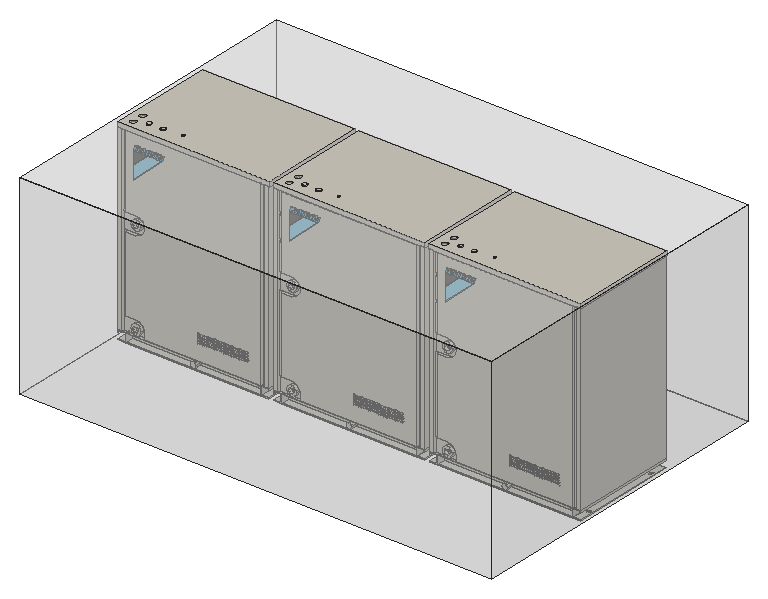
Revit family "outputfile", category 機械設備, Revit 2024
Family settings
  丸型コネクタ寸法 = 半径を使用
  種別 = なし
  パーツ タイプ = 標準
  OmniClass 番号 = 23.75.10.24.21.27.27
  OmniClass タイトル = Split System Air Conditioning Units
  作業面ベース = いいえ
  常に垂直 = はい
  ロード時にボイドで切り取り = いいえ
  注釈の向きを維持 = いいえ
  共有 = いいえ
  部屋計算ポイント = いいえ
Parameters (values of type "RWEYQ28TY14")
  製造元 = "Daikin"
  書き出し IFC クラス(タイプ) = "IfcUnitaryEquipmentType"
  定義済み IFC タイプ(タイプ) = "AIRCONDITIONINGUNIT"
  モデル = "RWEYQ28TY14"
  w_unit3 = 780.0 mm
  w_unit2 = 780.0 mm
  w_unit1 = 780.0 mm
  switch_unit3_6-8 [instance] = if(Reverse_ModuleSequence, if(default_unit1 = 1, 1 = 1, 1 = 0), if(default_unit3 = 1, 1 = 1, 1 = 0))  # yes
  switch_unit3_12 [instance] = if(Reverse_ModuleSequence, if(default_unit1 = 3, 1 = 1, 1 = 0), if(default_unit3 = 3, 1 = 1, 1 = 0))  # no
  switch_unit3_10 [instance] = if(Reverse_ModuleSequence, if(default_unit1 = 2, 1 = 1, 1 = 0), if(default_unit3 = 2, 1 = 1, 1 = 0))  # no
  switch_unit2_6-8 [instance] = if(default_unit2 = 1, 1 = 1, 1 = 0)  # no
  switch_unit2_12 [instance] = if(default_unit2 = 3, 1 = 1, 1 = 0)  # no
  switch_unit2_10 [instance] = if(default_unit2 = 2, 1 = 1, 1 = 0)  # yes
  switch_unit1_6-8 [instance] = if(Reverse_ModuleSequence, if(default_unit3 = 1, 1 = 1, 1 = 0), if(default_unit1 = 1, 1 = 1, 1 = 0))  # no
  switch_unit1_12 [instance] = if(Reverse_ModuleSequence, if(default_unit3 = 3, 1 = 1, 1 = 0), if(default_unit1 = 3, 1 = 1, 1 = 0))  # no
  switch_unit1_10 [instance] = if(Reverse_ModuleSequence, if(default_unit3 = 2, 1 = 1, 1 = 0), if(default_unit1 = 2, 1 = 1, 1 = 0))  # yes
  r_Water Outlet Pipe Connection_unit3 [instance] = Water Outlet Pipe Connection_Unit3 / 2  # 15.9 mm
  r_Water Outlet Pipe Connection_unit2 [instance] = Water Outlet Pipe Connection_Unit2 / 2  # 15.9 mm
  r_Water Outlet Pipe Connection_unit1 [instance] = Water Outlet Pipe Connection_Unit1 / 2  # 15.9 mm
  r_Water Inlet Pipe Connection_unit3 [instance] = Water Inlet Pipe Connection_Unit3 / 2  # 15.9 mm
  r_Water Inlet Pipe Connection_unit2 [instance] = Water Inlet Pipe Connection_Unit2 / 2  # 15.9 mm
  r_Water Inlet Pipe Connection_unit1 [instance] = Water Inlet Pipe Connection_Unit1 / 2  # 15.9 mm
  r_Drain Pipe Size = Drain Pipe Size / 2  # 6.35 mm
  lw_Water Outlet3 = 95.0 mm
  lw_Water Outlet2 = 95.0 mm
  lw_Water Outlet1 = 95.0 mm
  lw_Water Inlet3 = 95.0 mm
  lw_Water Inlet2 = 95.0 mm
  lw_Water Inlet1 = 95.0 mm
  lw_Drain3 = 390.0 mm
  lw_Drain2 = 390.0 mm
  lw_Drain1 = 390.0 mm
  default_Water Outlet Pipe Connection_Unit 3 = 31.8 mm
  default_Water Outlet Pipe Connection_Unit 2 = 31.8 mm
  default_Water Outlet Pipe Connection_Unit 1 = 31.8 mm
  default_Water Inlet Pipe Connection_Unit 3 = 31.8 mm
  default_Water Inlet Pipe Connection_Unit 2 = 31.8 mm
  default_Water Inlet Pipe Connection_Unit 1 = 31.8 mm
  angle_Drain [instance] = if(Rear Connection_Drain, 180.00°, 0.00°)  # 0.00°
  r_Liquid Pipe Size_unit3 [instance] = Liquid Pipe Size_Unit 3 / 2  # 4.75 mm
  r_Liquid Pipe Size_unit2 [instance] = Liquid Pipe Size_Unit 2 / 2  # 4.75 mm
  r_HP/LP Gas Pipe Size_unit3 [instance] = [HP/LP Gas Pipe Size_Unit 3] / 2  # 9.55 mm
  r_HP/LP Gas Pipe Size_unit2 [instance] = [HP/LP Gas Pipe Size_Unit 2] / 2  # 11.1 mm
  r_HP/LP Gas Pipe Size_unit1 [instance] = [HP/LP Gas Pipe Size_Unit 1] / 2  # 11.1 mm
  r_Gas Pipe Size_unit3 [instance] = Gas Pipe Size_Unit 3 / 2  # 9.55 mm
  r_Gas Pipe Size_unit2 [instance] = Gas Pipe Size_Unit 2 / 2  # 11.1 mm
  lw_powersupply3 = 51.0 mm
  lw_powersupply2 = 51.0 mm
  lw_liquidpipe3 = 274.0 mm
  lw_liquidpipe2 = 274.0 mm
  lw_gaspipe3 [instance] = if(Heat Pump, 107.0 mm, 178.0 mm)  # 107.0 mm
  lw_gaspipe2 [instance] = if(Heat Pump, 107.0 mm, 178.0 mm)  # 107.0 mm
  lw_HP/LP Gas Pipe3 [instance] = if(Heat Pump, 178.0 mm, 107.0 mm)  # 178.0 mm
  lw_HP/LP Gas Pipe2 [instance] = if(Heat Pump, 178.0 mm, 107.0 mm)  # 178.0 mm
  lw_HP/LP Gas Pipe1 [instance] = if(Heat Pump, 178.0 mm, 107.0 mm)  # 178.0 mm
  ld_HP/LP Gas Pipe = 69.0 mm
  h_mountinghole = [h_***] + 2.3 mm  # 2.3 mm
  r_Liquid Pipe Size_unit1 [instance] = Liquid Pipe Size_Unit 1 / 2  # 4.75 mm
  r_Gas Pipe Size_unit1 [instance] = Gas Pipe Size_Unit 1 / 2  # 11.1 mm
  distance_unit2-3 [instance] = 20.0 mm
  distance_unit1-2 [instance] = 20.0 mm
  default_unit3 = 1
  default_unit2 = 2
  default_unit1 = 2
  default_Model_Unit 3 = "RWEYQ8TY14"
  default_Model_Unit 2 = "RWEYQ10TY14"
  default_Model_Unit 1 = "RWEYQ10TY14"
  default_Liquid Pipe Size_Unit 3 = 9.5 mm
  default_Liquid Pipe Size_Unit 2 = 9.5 mm
  default_Liquid Pipe Size_Unit 1 = 9.5 mm
  default_HP/LP Gas Pipe Size_Unit 3 [instance] = if(and(Heat Pump, [switch_unit3_6-8]), 19.1 mm, if(and(Heat Pump, switch_unit3_10), 22.2 mm, if(and(Heat Pump, switch_unit3_12), 22.2 mm, if(and(Heat Recovery, [switch_unit3_6-8]), 15.9 mm, if(and(Heat Recovery, switch_unit3_10), 19.1 mm, if(and(Heat Recovery, switch_unit3_12), 19.1 mm, 19.1 mm))))))  # 19.1 mm
  default_HP/LP Gas Pipe Size_Unit 2 [instance] = if(and(Heat Pump, [switch_unit2_6-8]), 19.1 mm, if(and(Heat Pump, switch_unit2_10), 22.2 mm, if(and(Heat Pump, switch_unit2_12), 22.2 mm, if(and(Heat Recovery, [switch_unit2_6-8]), 15.9 mm, if(and(Heat Recovery, switch_unit2_10), 19.1 mm, if(and(Heat Recovery, switch_unit2_12), 19.1 mm, 19.1 mm))))))  # 22.2 mm
  default_HP/LP Gas Pipe Size_Unit 1 [instance] = if(and(Heat Pump, [switch_unit1_6-8]), 19.1 mm, if(and(Heat Pump, switch_unit1_10), 22.2 mm, if(and(Heat Pump, switch_unit1_12), 22.2 mm, if(and(Heat Recovery, [switch_unit1_6-8]), 15.9 mm, if(and(Heat Recovery, switch_unit1_10), 19.1 mm, if(and(Heat Recovery, switch_unit1_12), 19.1 mm, 19.1 mm))))))  # 22.2 mm
  default_Gas Pipe Size_Unit 3 = 19.1 mm
  default_Gas Pipe Size_Unit 2 = 22.2 mm
  default_Gas Pipe Size_Unit 1 = 22.2 mm
  Water Outlet Pipe Connection_Unit3 [instance] = if(Reverse_ModuleSequence, default_Water Outlet Pipe Connection_Unit 1, default_Water Outlet Pipe Connection_Unit 3)  # 31.8 mm
  Water Outlet Pipe Connection_Unit2 [instance] = if(Reverse_ModuleSequence, default_Water Inlet Pipe Connection_Unit 2, default_Water Inlet Pipe Connection_Unit 2)  # 31.8 mm
  Water Outlet Pipe Connection_Unit1 [instance] = if(Reverse_ModuleSequence, default_Water Outlet Pipe Connection_Unit 3, default_Water Outlet Pipe Connection_Unit 1)  # 31.8 mm
  Water Inlet Pipe Connection_Unit3 [instance] = if(Reverse_ModuleSequence, default_Water Inlet Pipe Connection_Unit 1, default_Water Inlet Pipe Connection_Unit 3)  # 31.8 mm
  Water Inlet Pipe Connection_Unit2 [instance] = if(Reverse_ModuleSequence, default_Water Outlet Pipe Connection_Unit 2, default_Water Outlet Pipe Connection_Unit 2)  # 31.8 mm
  Water Inlet Pipe Connection_Unit1 [instance] = if(Reverse_ModuleSequence, default_Water Inlet Pipe Connection_Unit 3, default_Water Inlet Pipe Connection_Unit 1)  # 31.8 mm
  Voltage_comment_50Hz = "380-415"
  Voltage_50Hz = 400 V
  Top Connection_powersupply2 [instance] = not(Top Connection_powersupply1)  # no
  Sound Power Level (dB) = 76
  Reverse_ModuleSequence [instance] = no
  Rear Connection_Drain [instance] = not(Front Connection_Drain)  # no
  Power Input (Heating) = 15.200 kW
  Phase_50Hz = 3
  Nominal Heating Capacity = 88.000 kW
  Model_Unit 3 [instance] = if(Reverse_ModuleSequence, default_Model_Unit 1, default_Model_Unit 3)  # "RWEYQ8TY14"
  Model_Unit 2 [instance] = if(Reverse_ModuleSequence, default_Model_Unit 2, default_Model_Unit 2)  # "RWEYQ10TY14"
  Model_Unit 1 [instance] = if(Reverse_ModuleSequence, default_Model_Unit 3, default_Model_Unit 1)  # "RWEYQ10TY14"
  Minimum Circuit Amps_50Hz = 40.9 A
  Maximum Fuse Amps_50Hz = 45.0 A
  Material_Heat Exchanger = DAIKIN_Blue_HE_outdoorunit
  Material_Casing = DAIKIN_IvoryWhite_Casing_outdoorunit
  lw_powersupply1 = 51.0 mm
  lw_liquidpipe1 = 274.0 mm
  lw_gaspipe1 [instance] = if(Heat Pump, 107.0 mm, 178.0 mm)  # 107.0 mm
  lh_powersupply = 940.0 mm
  ld_powersupply [instance] = if(Top Connection_powersupply1, 38.0 mm, 98.0 mm)  # 38.0 mm
  ld_liquidpipe = 79.0 mm
  ld_gaspipe = 69.0 mm
  h_*** = 0.0 mm
  Width [instance] = [distance_unit1-2] + [distance_unit2-3] + w_unit1 + w_unit2 + w_unit3  # 2380.0 mm
  Version = "ver.1.0"
  Unit Type = ""
  Unit Mass Weight = 440.00 kg
  Unit Designation [instance] = ""
  Uniclass2015Version = "Products v1.30"
  Uniclass2015Title = "Variable refrigerant flow units"
  Uniclass2015Code = "Pr_70_65_03_94"
  Total Cooling Capacity [instance] = 0.000 kW
  Sound Pressure Level (dBA) = 56
  Series = "VRV Heat Recovery"
  Refrigerant_Base Charge = 11.900 kg
  Refrigerant_Additional Charge [instance] = 0.000 kg
  Refrigerant Type = "R410A"
  Power Input (Cooling) = 14.700 kW
  Option Accessory 3 [instance] = ""
  Option Accessory 2 [instance] = ""
  Option Accessory 1 [instance] = ""
  Nominal Cooling Capacity = 78.400 kW
  Load Classification = HVAC
  Liquid Pipe Size_Unit 3 [instance] = if(Reverse_ModuleSequence, default_Liquid Pipe Size_Unit 1, default_Liquid Pipe Size_Unit 3)  # 9.5 mm
  Liquid Pipe Size_Unit 2 [instance] = if(Reverse_ModuleSequence, default_Liquid Pipe Size_Unit 2, default_Liquid Pipe Size_Unit 2)  # 9.5 mm
  Liquid Pipe Size_Unit 1 [instance] = if(Reverse_ModuleSequence, default_Liquid Pipe Size_Unit 3, default_Liquid Pipe Size_Unit 1)  # 9.5 mm
  Link_Nested Family [instance] = ""
  Intermediate Liquid Pipe Size_Unit1-2 = 15.9 mm
  Intermediate HP/LP Gas Pipe Size_Unit1-2 = 22.2 mm
  Intermediate Gas Pipe Size_Unit1-2 = 28.6 mm
  IfcVersion = ""
  IfcExportType = "AIRCONDITIONINGUNIT"
  IfcExportAs = "IfcUnitaryEquipmentType"
  Height = 1000.0 mm
  Heat Recovery [instance] = not(Heat Pump)  # no
  Heat Pump [instance] = yes
  Heat Exchanger Type = "Stainless Steel Plate"
  HP/LP Gas Pipe Size_Unit 3 [instance] = [default_HP/LP Gas Pipe Size_Unit 3]  # 19.1 mm
  HP/LP Gas Pipe Size_Unit 2 [instance] = [default_HP/LP Gas Pipe Size_Unit 2]  # 22.2 mm
  HP/LP Gas Pipe Size_Unit 1 [instance] = [default_HP/LP Gas Pipe Size_Unit 1]  # 22.2 mm
  Gas Pipe Size_Unit 3 [instance] = if(Reverse_ModuleSequence, default_Gas Pipe Size_Unit 1, default_Gas Pipe Size_Unit 3)  # 19.1 mm
  Gas Pipe Size_Unit 2 [instance] = if(Reverse_ModuleSequence, default_Gas Pipe Size_Unit 2, default_Gas Pipe Size_Unit 2)  # 22.2 mm
  Gas Pipe Size_Unit 1 [instance] = if(Reverse_ModuleSequence, default_Gas Pipe Size_Unit 3, default_Gas Pipe Size_Unit 1)  # 22.2 mm
  Top Connection_powersupply1 [instance] = yes
  Front Connection_Drain [instance] = yes
  Frequency_50Hz = 50 Hz
  Drain Pipe Size = 12.7 mm
  Depth = 550.0 mm
  既定の高さ = 0.0 mm
  Cooling Ambient Wet Bulb Temperature [instance] = 0.00 °C
  Cooling Ambient Dry Bulb Temperature [instance] = 0.00 °C
  Compressor Type = "Hermetically Sealed Scroll Type"
  Clearance visibility [instance] = yes
  Clearance Top = 0.0 mm
  Clearance Right = 20.0 mm
  Clearance Rear = 500.0 mm
  Clearance Left = 20.0 mm
  Clearance Front = 600.0 mm
  Clearance Bottom = 0.0 mm
  CU Tag No. [instance] = ""
Reference planes
  plane 1 "Center (Front/Back)": y = 0
  plane 2 "h_***": z = 0
  plane 3 "Center (Left/Right)": x = 0
  plane 4 "Back": y = 275
  plane 5 "Front": y = -275
  plane 6 "Left": x = -390
  plane 7 "w_unit1": x = 390
  plane 8 "Top": z = 1000
  plane 9 "Clearance Rear": y = 775
  plane 10 "Clearance Front": y = -875
  plane 11 "Clearance Left": x = -410
  plane 12 "Clearance Right": x = 2010
  plane 13 "Clearance Top": z = 1000
  plane 14 "Clearance Bottom": z = 0
  plane 15 "Bottom": z = 0
  plane 16 "lw_powersupply1": x = -339
  plane 17 "ld_powersupply": y = -237
  plane 18 "lw_liquidpipe1": x = -116
  plane 19 "Rear Connection_refrigetant": y = -196
  plane 20 "lw_gaspipe1": x = -283
  plane 21 "ld_gaspipe": y = -206
  plane 22 "lh_logo": z = 900
  plane 23 "lw_logo": x = 100
  plane 24 "lh_powersupply": z = 940
  plane 25 "lw_HP/LP Gas Pipe1": x = -212
  plane 26 "ld_HP/LP Gas Pipe": y = -206
  plane 27 "l_unit2": x = 410
  plane 28 "w_unit2": x = 1190
  plane 29 "lw_powersupply2": x = 461
  plane 30 "lw_liquidpipe2": x = 684
  plane 31 "lw_gaspipe2": x = 517
  plane 32 "lw_HP/LP Gas Pipe2": x = 588
  plane 33 "Right": x = 1990
  plane 34 "叴": x = 1210
  plane 35 "叵": x = 1261
  plane 36 "叶": x = 1484
  plane 37 "号": x = 1317
  plane 38 "司": x = 1388
  plane 39 "lw_Water Inlet2": x = 505
  plane 40 "lw_Water Inlet3": x = 1305
  plane 41 "lw_Water Outlet1": x = -295
  plane 42 "lw_Water Outlet2": x = 505
  plane 43 "lw_Water Outlet3": x = 1305
  plane 44 "lw_Drain1": x = 0
  plane 45 "lw_Drain2": x = 800
  plane 46 "lw_Drain3": x = 1600
  plane 47 "lw_Water Inlet1": x = -295
Dimensions and locks
  equal spacing: plane 4 "Back", plane 1 "Center (Front/Back)", plane 5 "Front"
  "Depth": plane 4 "Back" to plane 5 "Front"
  equal spacing: plane 6 "Left", plane 3 "Center (Left/Right)", plane 7 "w_unit1"
  "w_unit1": plane 6 "Left" to plane 7 "w_unit1"
  "Clearance Rear": plane 9 "Clearance Rear" to plane 4 "Back"
  "Clearance Front": plane 10 "Clearance Front" to plane 5 "Front"
  "Clearance Left": plane 11 "Clearance Left" to plane 6 "Left"
  "Clearance Top": plane 13 "Clearance Top" to plane 8 "Top"
  "h_***": plane 15 "Bottom" to plane 2 "h_***"
  "Height": plane 8 "Top" to plane 15 "Bottom"
  "Clearance Bottom": plane 15 "Bottom" to plane 14 "Clearance Bottom"
  "ld_powersupply": plane 17 "ld_powersupply" to plane 5 "Front"
  "ld_liquidpipe": plane 19 "Rear Connection_refrigetant" to plane 5 "Front"
  "ld_gaspipe": plane 21 "ld_gaspipe" to plane 5 "Front"
  locked: plane 23 "lw_logo" to plane 7 "w_unit1" at 290
  locked: plane 22 "lh_logo" to plane 15 "Bottom" at 900
  "lw_gaspipe1": plane 6 "Left" to plane 20 "lw_gaspipe1"
  "lw_liquidpipe1": plane 6 "Left" to plane 18 "lw_liquidpipe1"
  "lw_powersupply1": plane 6 "Left" to plane 16 "lw_powersupply1"
  "lh_powersupply": plane 24 "lh_powersupply" to plane 15 "Bottom"
  "lw_HP/LP Gas Pipe1": plane 6 "Left" to plane 25 "lw_HP/LP Gas Pipe1"
  "ld_HP/LP Gas Pipe": plane 26 "ld_HP/LP Gas Pipe" to plane 5 "Front"
  "distance_unit1-2": plane 7 "w_unit1" to plane 27 "l_unit2"
  "lw_powersupply2": plane 27 "l_unit2" to plane 29 "lw_powersupply2"
  "lw_HP/LP Gas Pipe2": plane 27 "l_unit2" to plane 32 "lw_HP/LP Gas Pipe2"
  "lw_gaspipe2": plane 27 "l_unit2" to plane 31 "lw_gaspipe2"
  "lw_liquidpipe2": plane 27 "l_unit2" to plane 30 "lw_liquidpipe2"
  "w_unit2": plane 27 "l_unit2" to plane 28 "w_unit2"
  "distance_unit2-3": plane 28 "w_unit2" to plane 34 "叴"
  "Width": plane 6 "Left" to plane 33 "Right"
  "Clearance Right": plane 33 "Right" to plane 12 "Clearance Right"
  "lw_powersupply3": plane 34 "叴" to plane 35 "叵"
  "lw_HP/LP Gas Pipe3": plane 34 "叴" to plane 38 "司"
  "lw_gaspipe3": plane 34 "叴" to plane 37 "号"
  "lw_liquidpipe3": plane 34 "叴" to plane 36 "叶"
  "lw_Water Inlet1": plane 6 "Left" to plane 47 "lw_Water Inlet1"
  "lw_Water Inlet2": plane 27 "l_unit2" to plane 39 "lw_Water Inlet2"
  "lw_Water Inlet3": plane 34 "叴" to plane 40 "lw_Water Inlet3"
  "lw_Water Outlet1": plane 6 "Left" to plane 41 "lw_Water Outlet1"
  "lw_Water Outlet2": plane 27 "l_unit2" to plane 42 "lw_Water Outlet2"
  "lw_Water Outlet3": plane 34 "叴" to plane 43 "lw_Water Outlet3"
  "lw_Drain1": plane 6 "Left" to plane 44 "lw_Drain1"
  "lw_Drain2": plane 27 "l_unit2" to plane 45 "lw_Drain2"
  "lw_Drain3": plane 34 "叴" to plane 46 "lw_Drain3"
  aligned and locked: level to plane 2 "h_***"
  aligned and locked: nested 2 to plane 9 "Clearance Rear"
  aligned and locked: nested 2 to plane 10 "Clearance Front"
  aligned and locked: plane 11 "Clearance Left" to nested 2
  aligned and locked: plane 12 "Clearance Right" to nested 2
  aligned and locked: nested 2 to plane 13 "Clearance Top"
  aligned and locked: nested 2 to plane 14 "Clearance Bottom"
  aligned and locked: plane 8 "Top" to nested 1
  aligned and locked: plane 22 "lh_logo" to nested 7
  aligned and locked: nested 8 to plane 16 "lw_powersupply1"
  aligned and locked: nested 9 to plane 20 "lw_gaspipe1"
  aligned and locked: nested 10 to plane 18 "lw_liquidpipe1"
  aligned and locked: nested 10 to plane 19 "Rear Connection_refrigetant"
  aligned and locked: nested 9 to plane 21 "ld_gaspipe"
  aligned and locked: nested 8 to plane 17 "ld_powersupply"
  aligned and locked: plane 5 "Front" to nested 7
  aligned and locked: plane 24 "lh_powersupply" to nested 8
  aligned and locked: plane 27 "l_unit2" to nested 11
  aligned and locked: nested 17 to plane 29 "lw_powersupply2"
  aligned and locked: nested 17 to plane 17 "ld_powersupply"
  aligned and locked: nested 18 to plane 31 "lw_gaspipe2"
  aligned and locked: nested 18 to plane 26 "ld_HP/LP Gas Pipe"
  aligned and locked: plane 1 "Center (Front/Back)" to nested 20
  aligned and locked: plane 34 "叴" to nested 20
  aligned and locked: nested 27 to plane 35 "叵"
  aligned and locked: nested 28 to plane 37 "号"
  aligned and locked: nested 26 to plane 36 "叶"
  aligned and locked: plane 17 "ld_powersupply" to nested 27
  aligned and locked: plane 21 "ld_gaspipe" to nested 28
  aligned and locked: plane 19 "Rear Connection_refrigetant" to nested 26
  aligned and locked: nested 27 to plane 24 "lh_powersupply"
  aligned and locked: plane 1 "Center (Front/Back)" to nested 29
  aligned and locked: plane 1 "Center (Front/Back)" to nested 30
  aligned and locked: plane 1 "Center (Front/Back)" to nested 31
  aligned and locked: plane 1 "Center (Front/Back)" to nested 32
  aligned and locked: plane 1 "Center (Front/Back)" to nested 33
  aligned and locked: plane 1 "Center (Front/Back)" to nested 34
  aligned and locked: plane 1 "Center (Front/Back)" to nested 35
  aligned and locked: plane 1 "Center (Front/Back)" to nested 36
  aligned and locked: plane 1 "Center (Front/Back)" to nested 37
  aligned and locked: plane 47 "lw_Water Inlet1" to nested 29
  aligned and locked: plane 39 "lw_Water Inlet2" to nested 30
  aligned and locked: plane 40 "lw_Water Inlet3" to nested 31
  aligned and locked: plane 41 "lw_Water Outlet1" to nested 32
  aligned and locked: plane 42 "lw_Water Outlet2" to nested 33
  aligned and locked: plane 43 "lw_Water Outlet3" to nested 34
  aligned and locked: plane 44 "lw_Drain1" to nested 35
  aligned and locked: plane 45 "lw_Drain2" to nested 36
  aligned and locked: plane 46 "lw_Drain3" to nested 37
  aligned and locked: plane 25 "lw_HP/LP Gas Pipe1" to nested 38
  aligned and locked: plane 32 "lw_HP/LP Gas Pipe2" to nested 39
  aligned and locked: plane 38 "司" to nested 40
  aligned and locked: nested 38 to plane 26 "ld_HP/LP Gas Pipe"
  aligned and locked: nested 39 to plane 26 "ld_HP/LP Gas Pipe"
  aligned and locked: plane 26 "ld_HP/LP Gas Pipe" to nested 40
Nested families
  nested 1: "DAIKIN_outdoorunit_RWEYQ-TY14" at (-31, 0, 0), h_*** <- "h_***", Link_Nest <- "Link_Nested Family", h_mountinghole <- "h_mountinghole", Width <- "w_unit1", switch_unit1_6-8 <- "switch_unit1_6-8", switch_unit1_10 <- "switch_unit1_10", switch_unit1_12 <- "switch_unit1_12", type "RWEYQ-TY14"
    with switch_unit1_6-8 no, switch_unit1_12 no, switch_unit1_10 yes, show_fixedhole yes, h_mountinghole 2.3 mm, h_antenna_mountinghole 998.7 mm, h_*** 0.0 mm, array_bolt 5, Width 780.0 mm, Liquid Pipe Size_Unit 1 9.5 mm, Link_Nest "", HP/LP Pipe Size_Unit 1 22.2 mm, Gas Pipe Size_Unit 1 22.2 mm
  nested 2: "daikin_clearancespace" at (800, -50, 500.119), visible <- "Clearance visibility", show <- "Clearance visibility", Link_Nested Family <- "Link_Nested Family", type "daikin_clearancespace"
    with width 2420.0 mm, show yes, height 1000.0 mm, depth 1650.0 mm, Link_Nested Family ""
  nested 3: "daikin_mountinghole" at (-372, 200, 0), type "daikin_mountinghole"
    with show yes, l_antenna 998.7 mm, h_mountinghole 2.3 mm, Link_Nested Family ""
  nested 4: "daikin_mountinghole" at (372, 200, 0), type "daikin_mountinghole"
    with show yes, l_antenna 998.7 mm, h_mountinghole 2.3 mm, Link_Nested Family ""
  nested 5: "daikin_mountinghole" at (-372, -200, 0), type "daikin_mountinghole"
    with show yes, l_antenna 998.7 mm, h_mountinghole 2.3 mm, Link_Nested Family ""
  nested 6: "daikin_mountinghole" at (372, -200, 0), type "daikin_mountinghole"
    with show yes, l_antenna 998.7 mm, h_mountinghole 2.3 mm, Link_Nested Family ""
  nested 7: "daikin_logo_elevation_w150" at (-212.5, -275, 744.568), type "daikin_logo_elevation_w150"
    with show_logo yes
  nested 8: "daikin_connector_rotate3" at (-339, -237, 940) x (-1, 0, 0) z (0, 0, -1), type "daikin_connector_rotate3"
    with show no, radius 10.0 mm, length 60.0 mm, angle_vertical 0.00°, angle_horizontal 0.00°
  nested 9: "daikin_connector_rotate3" at (-283, -206, 940) x (-1, 0, 0) z (0, 0, -1), radius <- "r_Gas Pipe Size_unit1", type "daikin_connector_rotate3"
    with show no, radius 11.1 mm, length 60.0 mm, angle_vertical 0.00°, angle_horizontal 0.00°
  nested 10: "daikin_connector_rotate3" at (-116, -196, 940) x (-1, 0, 0) z (0, 0, -1), radius <- "r_Liquid Pipe Size_unit1", type "daikin_connector_rotate3"
    with show no, radius 4.75 mm, length 60.0 mm, angle_vertical 0.00°, angle_horizontal 0.00°
  nested 11: "DAIKIN_outdoorunit_RWEYQ-TY14" at (769, 0, 0), Width <- "w_unit2", switch_unit1_6-8 <- "switch_unit2_6-8", switch_unit1_10 <- "switch_unit2_10", switch_unit1_12 <- "switch_unit2_12", type "RWEYQ-TY14"
    with switch_unit1_6-8 no, switch_unit1_12 no, switch_unit1_10 yes, show_fixedhole yes, h_mountinghole 2.3 mm, h_antenna_mountinghole 998.7 mm, h_*** 0.0 mm, array_bolt 5, Width 780.0 mm, Liquid Pipe Size_Unit 1 9.5 mm, Link_Nest "", HP/LP Pipe Size_Unit 1 22.2 mm, Gas Pipe Size_Unit 1 22.2 mm
  nested 12: "daikin_mountinghole" at (428, 200, 0), type "daikin_mountinghole"
    with show yes, l_antenna 998.7 mm, h_mountinghole 2.3 mm, Link_Nested Family ""
  nested 13: "daikin_mountinghole" at (1172, 200, 0), type "daikin_mountinghole"
    with show yes, l_antenna 998.7 mm, h_mountinghole 2.3 mm, Link_Nested Family ""
  nested 14: "daikin_mountinghole" at (428, -200, 0), type "daikin_mountinghole"
    with show yes, l_antenna 998.7 mm, h_mountinghole 2.3 mm, Link_Nested Family ""
  nested 15: "daikin_mountinghole" at (1172, -200, 0), type "daikin_mountinghole"
    with show yes, l_antenna 998.7 mm, h_mountinghole 2.3 mm, Link_Nested Family ""
  nested 16: "daikin_connector_rotate3" at (684, -196, 940) x (-1, 0, 0) z (0, 0, -1), radius <- "r_Liquid Pipe Size_unit2", type "daikin_connector_rotate3"
    with show no, radius 4.75 mm, length 60.0 mm, angle_vertical 0.00°, angle_horizontal 0.00°
  nested 17: "daikin_connector_rotate3" at (461, -237, 940) x (-1, 0, 0) z (0, 0, -1), type "daikin_connector_rotate3"
    with show no, radius 10.0 mm, length 60.0 mm, angle_vertical 0.00°, angle_horizontal 0.00°
  nested 18: "daikin_connector_rotate3" at (517, -206, 940) x (-1, 0, 0) z (0, 0, -1), radius <- "r_Gas Pipe Size_unit2", type "daikin_connector_rotate3"
    with show no, radius 11.1 mm, length 60.0 mm, angle_vertical 0.00°, angle_horizontal 0.00°
  nested 19: "daikin_logo_elevation_w150" at (587.5, -275, 744.568), type "daikin_logo_elevation_w150"
    with show_logo yes
  nested 20: "DAIKIN_outdoorunit_RWEYQ-TY14" at (1569, 0, 0), switch_unit1_6-8 <- "switch_unit3_6-8", switch_unit1_10 <- "switch_unit3_10", switch_unit1_12 <- "switch_unit3_12", Width <- "w_unit3", type "RWEYQ-TY14"
    with switch_unit1_6-8 yes, switch_unit1_12 no, switch_unit1_10 no, show_fixedhole yes, h_mountinghole 2.3 mm, h_antenna_mountinghole 998.7 mm, h_*** 0.0 mm, array_bolt 5, Width 780.0 mm, Liquid Pipe Size_Unit 1 9.5 mm, Link_Nest "", HP/LP Pipe Size_Unit 1 19.1 mm, Gas Pipe Size_Unit 1 19.1 mm
  nested 21: "daikin_mountinghole" at (1228, 200, 0), type "daikin_mountinghole"
    with show yes, l_antenna 998.7 mm, h_mountinghole 2.3 mm, Link_Nested Family ""
  nested 22: "daikin_mountinghole" at (1972, 200, 0), type "daikin_mountinghole"
    with show yes, l_antenna 998.7 mm, h_mountinghole 2.3 mm, Link_Nested Family ""
  nested 23: "daikin_mountinghole" at (1228, -200, 0), type "daikin_mountinghole"
    with show yes, l_antenna 998.7 mm, h_mountinghole 2.3 mm, Link_Nested Family ""
  nested 24: "daikin_mountinghole" at (1972, -200, 0), type "daikin_mountinghole"
    with show yes, l_antenna 998.7 mm, h_mountinghole 2.3 mm, Link_Nested Family ""
  nested 25: "daikin_logo_elevation_w150" at (1387.5, -275, 744.568), type "daikin_logo_elevation_w150"
    with show_logo yes
  nested 26: "daikin_connector_rotate3" at (1484, -196, 940) x (-1, 0, 0) z (0, 0, -1), radius <- "r_Liquid Pipe Size_unit3", type "daikin_connector_rotate3"
    with show no, radius 4.75 mm, length 60.0 mm, angle_vertical 0.00°, angle_horizontal 0.00°
  nested 27: "daikin_connector_rotate3" at (1261, -237, 940) x (-1, 0, 0) z (0, 0, -1), type "daikin_connector_rotate3"
    with show no, radius 10.0 mm, length 60.0 mm, angle_vertical 0.00°, angle_horizontal 0.00°
  nested 28: "daikin_connector_rotate3" at (1317, -206, 940) x (-1, 0, 0) z (0, 0, -1), radius <- "r_Gas Pipe Size_unit3", type "daikin_connector_rotate3"
    with show no, radius 9.55 mm, length 60.0 mm, angle_vertical 0.00°, angle_horizontal 0.00°
  nested 29: "daikin_connector_rotate3" at (-295, 0, 76), radius <- "r_Water Inlet Pipe Connection_unit1", type "daikin_connector_rotate3"
    with show no, radius 15.9 mm, length 275.0 mm, angle_vertical 90.00°, angle_horizontal 0.00°
  nested 30: "daikin_connector_rotate3" at (505, 0, 76), radius <- "r_Water Inlet Pipe Connection_unit2", type "daikin_connector_rotate3"
    with show no, radius 15.9 mm, length 275.0 mm, angle_vertical 90.00°, angle_horizontal 0.00°
  nested 31: "daikin_connector_rotate3" at (1305, 0, 76), radius <- "r_Water Inlet Pipe Connection_unit3", type "daikin_connector_rotate3"
    with show no, radius 15.9 mm, length 275.0 mm, angle_vertical 90.00°, angle_horizontal 0.00°
  nested 32: "daikin_connector_rotate3" at (-295, 0, 556), radius <- "r_Water Outlet Pipe Connection_unit1", type "daikin_connector_rotate3"
    with show no, radius 15.9 mm, length 275.0 mm, angle_vertical 90.00°, angle_horizontal 0.00°
  nested 33: "daikin_connector_rotate3" at (505, 0, 556), radius <- "r_Water Outlet Pipe Connection_unit2", type "daikin_connector_rotate3"
    with show no, radius 15.9 mm, length 275.0 mm, angle_vertical 90.00°, angle_horizontal 0.00°
  nested 34: "daikin_connector_rotate3" at (1305, 0, 556), radius <- "r_Water Outlet Pipe Connection_unit3", type "daikin_connector_rotate3"
    with show no, radius 15.9 mm, length 275.0 mm, angle_vertical 90.00°, angle_horizontal 0.00°
  nested 35: "daikin_connector_rotate3" at (0, 0, 19), radius <- "r_Drain Pipe Size", angle_horizontal <- "angle_Drain", type "daikin_connector_rotate3"
    with show no, radius 6.35 mm, length 275.0 mm, angle_vertical 90.00°, angle_horizontal 0.00°
  nested 36: "daikin_connector_rotate3" at (800, 0, 19), angle_horizontal <- "angle_Drain", radius <- "r_Drain Pipe Size", type "daikin_connector_rotate3"
    with show no, radius 6.35 mm, length 275.0 mm, angle_vertical 90.00°, angle_horizontal 0.00°
  nested 37: "daikin_connector_rotate3" at (1600, 0, 19), angle_horizontal <- "angle_Drain", radius <- "r_Drain Pipe Size", type "daikin_connector_rotate3"
    with show no, radius 6.35 mm, length 275.0 mm, angle_vertical 90.00°, angle_horizontal 0.00°
  nested 38: "daikin_connector_rotate3" at (-212, -206, 940) x (1, 0, 0) z (0, 0, -1), radius <- "r_HP/LP Gas Pipe Size_unit1", type "daikin_connector_rotate3"
    with show no, radius 11.1 mm, length 60.0 mm, angle_vertical 0.00°, angle_horizontal 0.00°
  nested 39: "daikin_connector_rotate3" at (588, -206, 940) x (1, 0, 0) z (0, 0, -1), radius <- "r_HP/LP Gas Pipe Size_unit2", type "daikin_connector_rotate3"
    with show no, radius 11.1 mm, length 60.0 mm, angle_vertical 0.00°, angle_horizontal 0.00°
  nested 40: "daikin_connector_rotate3" at (1388, -206, 940) x (1, 0, 0) z (0, 0, -1), radius <- "r_HP/LP Gas Pipe Size_unit3", type "daikin_connector_rotate3"
    with show no, radius 9.55 mm, length 60.0 mm, angle_vertical 0.00°, angle_horizontal 0.00°
Connectors
  piping at (-116, -196, 1000), diameter 9.5, driven by "r_Liquid Pipe Size_unit1"
    settings: on nested 10, index 12, connector inside diameter 609.6 mm, connector length 0.0 mm, flow factor 0, pipe flow 0.00 m³/h, pressure drop 0.0 Pa, fitting loss kfactor 0, connector angle 0.00°, fixture units 0, engagement length 0.0 mm, angle of deflection 0.00°, flow configuration 0, flow direction 2, fitting loss method 0, system type 29, joint type 0, gender type 0, connector reference index -1, connector utility 0, adjustable connector no, is connector primary no, connector description "Refrigerant Liquid Piping1"
  electrical at (-339, -237, 1000), driven by "Load Classification"
    settings: on nested 8, index 13, voltage 0 V, apparent load 0 VA, apparent load phase1 0 VA, apparent load phase2 0 VA, apparent load phase3 0 VA, power factor 1, load classification "HVAC", number of poles 1, system type 30, power factor state 1, is connector primary yes, connector utility no, sub classification motor no, connector description "Power Supply1"
  piping at (684, -196, 1000), diameter 9.5, driven by "r_Liquid Pipe Size_unit2"
    settings: on nested 16, index 15, connector inside diameter 609.6 mm, connector length 0.0 mm, flow factor 0, pipe flow 0.00 m³/h, pressure drop 0.0 Pa, fitting loss kfactor 0, connector angle 0.00°, fixture units 0, engagement length 0.0 mm, angle of deflection 0.00°, flow configuration 0, flow direction 2, fitting loss method 0, system type 29, joint type 0, gender type 0, connector reference index -1, connector utility 0, adjustable connector no, is connector primary no, connector description "Refrigerant Liquid Piping2"
  electrical at (461, -237, 1000), driven by "Load Classification"
    settings: on nested 17, index 17, voltage 0 V, apparent load 0 VA, apparent load phase1 0 VA, apparent load phase2 0 VA, apparent load phase3 0 VA, power factor 1, load classification "HVAC", number of poles 1, system type 30, power factor state 1, is connector primary no, connector utility no, sub classification motor no, connector description "Power Supply2"
  piping at (1484, -196, 1000), diameter 9.5, driven by "r_Liquid Pipe Size_unit3"
    settings: on nested 26, index 19, connector inside diameter 609.6 mm, connector length 0.0 mm, flow factor 0, pipe flow 0.00 m³/h, pressure drop 0.0 Pa, fitting loss kfactor 0, connector angle 0.00°, fixture units 0, engagement length 0.0 mm, angle of deflection 0.00°, flow configuration 0, flow direction 2, fitting loss method 0, system type 29, joint type 0, gender type 0, connector reference index -1, connector utility 0, adjustable connector no, is connector primary no, connector description "Refrigerant Liquid Piping3"
  electrical at (1261, -237, 1000), driven by "Load Classification"
    settings: on nested 27, index 21, voltage 0 V, apparent load 0 VA, apparent load phase1 0 VA, apparent load phase2 0 VA, apparent load phase3 0 VA, power factor 1, load classification "HVAC", number of poles 1, system type 30, power factor state 1, is connector primary no, connector utility no, sub classification motor no, connector description "Power Supply3"
  piping at (-295, -275, 556), diameter 31.8, driven by "r_Water Outlet Pipe Connection_unit1"
    settings: on nested 32, index 24, connector inside diameter 609.6 mm, connector length 0.0 mm, flow factor 0, pipe flow 0.00 m³/h, pressure drop 0.0 Pa, fitting loss kfactor 0, connector angle 0.00°, fixture units 0, engagement length 0.0 mm, angle of deflection 0.00°, flow configuration 1, flow direction 2, fitting loss method 0, system type 8, joint type 0, gender type 0, connector reference index -1, connector utility 0, adjustable connector no, is connector primary no, connector description "Cooling Water Outlet Piping 1"
  piping at (-295, -275, 76), diameter 31.8, driven by "r_Water Inlet Pipe Connection_unit1"
    settings: on nested 29, index 25, connector inside diameter 609.6 mm, connector length 0.0 mm, flow factor 0, pipe flow 0.00 m³/h, pressure drop 0.0 Pa, fitting loss kfactor 0, connector angle 0.00°, fixture units 0, engagement length 0.0 mm, angle of deflection 0.00°, flow configuration 1, flow direction 1, fitting loss method 0, system type 7, joint type 0, gender type 0, connector reference index -1, connector utility 0, adjustable connector no, is connector primary no, connector description "Cooling Water Inlet  Piping 1"
  piping at (0, -275, 19), diameter 12.7, driven by "r_Drain Pipe Size"
    settings: on nested 35, index 26, connector inside diameter 609.6 mm, connector length 0.0 mm, flow factor 0, pipe flow 0.00 m³/h, pressure drop 0.0 Pa, fitting loss kfactor 0, connector angle 0.00°, fixture units 0, engagement length 0.0 mm, angle of deflection 0.00°, flow configuration 1, flow direction 2, fitting loss method 4, system type 16, joint type 0, gender type 0, connector reference index -1, connector utility 0, adjustable connector no, is connector primary no, connector description "Condensate Drain Piping 1"
  piping at (505, -275, 556), diameter 31.8, driven by "r_Water Outlet Pipe Connection_unit2"
    settings: on nested 33, index 27, connector inside diameter 609.6 mm, connector length 0.0 mm, flow factor 0, pipe flow 0.00 m³/h, pressure drop 0.0 Pa, fitting loss kfactor 0, connector angle 0.00°, fixture units 0, engagement length 0.0 mm, angle of deflection 0.00°, flow configuration 1, flow direction 2, fitting loss method 0, system type 8, joint type 0, gender type 0, connector reference index -1, connector utility 0, adjustable connector no, is connector primary no, connector description "Cooling Water Outlet Piping 2"
  piping at (505, -275, 76), diameter 31.8, driven by "r_Water Inlet Pipe Connection_unit2"
    settings: on nested 30, index 28, connector inside diameter 609.6 mm, connector length 0.0 mm, flow factor 0, pipe flow 0.00 m³/h, pressure drop 0.0 Pa, fitting loss kfactor 0, connector angle 0.00°, fixture units 0, engagement length 0.0 mm, angle of deflection 0.00°, flow configuration 1, flow direction 1, fitting loss method 0, system type 7, joint type 0, gender type 0, connector reference index -1, connector utility 0, adjustable connector no, is connector primary no, connector description "Cooling Water Inlet  Piping 2"
  piping at (800, -275, 19), diameter 12.7, driven by "r_Drain Pipe Size"
    settings: on nested 36, index 29, connector inside diameter 609.6 mm, connector length 0.0 mm, flow factor 0, pipe flow 0.00 m³/h, pressure drop 0.0 Pa, fitting loss kfactor 0, connector angle 0.00°, fixture units 0, engagement length 0.0 mm, angle of deflection 0.00°, flow configuration 1, flow direction 2, fitting loss method 4, system type 16, joint type 0, gender type 0, connector reference index -1, connector utility 0, adjustable connector no, is connector primary no, connector description "Condensate Drain Piping 2"
  piping at (1305, -275, 556), diameter 31.8, driven by "r_Water Outlet Pipe Connection_unit3"
    settings: on nested 34, index 30, connector inside diameter 609.6 mm, connector length 0.0 mm, flow factor 0, pipe flow 0.00 m³/h, pressure drop 0.0 Pa, fitting loss kfactor 0, connector angle 0.00°, fixture units 0, engagement length 0.0 mm, angle of deflection 0.00°, flow configuration 1, flow direction 2, fitting loss method 0, system type 8, joint type 0, gender type 0, connector reference index -1, connector utility 0, adjustable connector no, is connector primary no, connector description "Cooling Water Outlet Piping 3"
  piping at (1305, -275, 76), diameter 31.8, driven by "r_Water Inlet Pipe Connection_unit3"
    settings: on nested 31, index 31, connector inside diameter 609.6 mm, connector length 0.0 mm, flow factor 0, pipe flow 0.00 m³/h, pressure drop 0.0 Pa, fitting loss kfactor 0, connector angle 0.00°, fixture units 0, engagement length 0.0 mm, angle of deflection 0.00°, flow configuration 1, flow direction 1, fitting loss method 0, system type 7, joint type 0, gender type 0, connector reference index -1, connector utility 0, adjustable connector no, is connector primary no, connector description "Cooling Water Inlet  Piping 3"
  piping at (1600, -275, 19), diameter 12.7, driven by "r_Drain Pipe Size"
    settings: on nested 37, index 32, connector inside diameter 609.6 mm, connector length 0.0 mm, flow factor 0, pipe flow 0.00 m³/h, pressure drop 0.0 Pa, fitting loss kfactor 0, connector angle 0.00°, fixture units 0, engagement length 0.0 mm, angle of deflection 0.00°, flow configuration 1, flow direction 2, fitting loss method 4, system type 16, joint type 0, gender type 0, connector reference index -1, connector utility 0, adjustable connector no, is connector primary no, connector description "Condensate Drain Piping 3"
  piping at (-212, -206, 1000), diameter 22.2, driven by "r_HP/LP Gas Pipe Size_unit1"
    settings: on nested 38, index 36, connector inside diameter 609.6 mm, connector length 0.0 mm, flow factor 0, pipe flow 0.00 m³/h, pressure drop 0.0 Pa, fitting loss kfactor 0, connector angle 0.00°, fixture units 0, engagement length 0.0 mm, angle of deflection 0.00°, flow configuration 0, flow direction 0, fitting loss method 0, system type 29, joint type 0, gender type 0, connector reference index -1, connector utility 0, adjustable connector no, is connector primary no, connector description "Refrigerant HP/LP Gas Piping1"
  piping at (588, -206, 1000), diameter 22.2, driven by "r_HP/LP Gas Pipe Size_unit2"
    settings: on nested 39, index 37, connector inside diameter 609.6 mm, connector length 0.0 mm, flow factor 0, pipe flow 0.00 m³/h, pressure drop 0.0 Pa, fitting loss kfactor 0, connector angle 0.00°, fixture units 0, engagement length 0.0 mm, angle of deflection 0.00°, flow configuration 0, flow direction 0, fitting loss method 0, system type 29, joint type 0, gender type 0, connector reference index -1, connector utility 0, adjustable connector no, is connector primary no, connector description "Refrigerant HP/LP Gas Piping2"
  piping at (1388, -206, 1000), diameter 19.1, driven by "r_HP/LP Gas Pipe Size_unit3"
    settings: on nested 40, index 38, connector inside diameter 609.6 mm, connector length 0.0 mm, flow factor 0, pipe flow 0.00 m³/h, pressure drop 0.0 Pa, fitting loss kfactor 0, connector angle 0.00°, fixture units 0, engagement length 0.0 mm, angle of deflection 0.00°, flow configuration 0, flow direction 0, fitting loss method 0, system type 29, joint type 0, gender type 0, connector reference index -1, connector utility 0, adjustable connector no, is connector primary no, connector description "Refrigerant HP/LP Gas Piping3"
  piping at (-283, -206, 1000), diameter 22.2, driven by "r_Gas Pipe Size_unit1"
    settings: on nested 9, index 39, connector inside diameter 609.6 mm, connector length 0.0 mm, flow factor 0, pipe flow 0.00 m³/h, pressure drop 0.0 Pa, fitting loss kfactor 0, connector angle 0.00°, fixture units 0, engagement length 0.0 mm, angle of deflection 0.00°, flow configuration 0, flow direction 1, fitting loss method 0, system type 29, joint type 0, gender type 0, connector reference index -1, connector utility 0, adjustable connector no, is connector primary yes, connector description "Refrigerant Gas Piping1"
  piping at (517, -206, 1000), diameter 22.2, driven by "r_Gas Pipe Size_unit2"
    settings: on nested 18, index 40, connector inside diameter 609.6 mm, connector length 0.0 mm, flow factor 0, pipe flow 0.00 m³/h, pressure drop 0.0 Pa, fitting loss kfactor 0, connector angle 0.00°, fixture units 0, engagement length 0.0 mm, angle of deflection 0.00°, flow configuration 0, flow direction 1, fitting loss method 0, system type 29, joint type 0, gender type 0, connector reference index -1, connector utility 0, adjustable connector no, is connector primary no, connector description "Refrigerant Gas Piping2"
  piping at (1317, -206, 1000), diameter 19.1, driven by "r_Gas Pipe Size_unit3"
    settings: on nested 28, index 41, connector inside diameter 609.6 mm, connector length 0.0 mm, flow factor 0, pipe flow 0.00 m³/h, pressure drop 0.0 Pa, fitting loss kfactor 0, connector angle 0.00°, fixture units 0, engagement length 0.0 mm, angle of deflection 0.00°, flow configuration 0, flow direction 1, fitting loss method 0, system type 29, joint type 0, gender type 0, connector reference index -1, connector utility 0, adjustable connector no, is connector primary no, connector description "Refrigerant Gas Piping3"
Definition of nested family "DAIKIN_outdoorunit_RWEYQ-TY14"
  Parameters (values of type "RWEYQ-TY14")
    w_wiremesh_right = 668.0 mm  # constant formula
    w_wiremesh_left = 590.0 mm  # constant formula
    w_wiremesh_front = 248.0 mm  # constant formula
    switch_unit1_6-8 [instance] = no
    switch_unit1_12 [instance] = yes
    switch_unit1_10 [instance] = no
    show_fixedhole [instance] = yes
    material_heatexchanger = none
    material_casing = none
    ld_hole1_bottom = 154.0 mm  # constant formula
    h_wiremesh = 900.0 mm  # constant formula
    h_mountinghole [instance] = 2.3 mm
    h_antenna_mountinghole [instance] = Height + 1.0 mm - 2.3 mm  # 998.7 mm
    h_*** [instance] = 0.0 mm
    array_bolt [instance] = 5
    Width [instance] = 780.0 mm
    Liquid Pipe Size_Unit 1 [instance] = if([switch_unit1_6-8], 9.5 mm, if(switch_unit1_10, 9.5 mm, if(switch_unit1_12, 12.7 mm, 9.5 mm)))  # 12.7 mm
    Link_Nest [instance] = ""
    Height = 1000.0 mm
    Heat Recovery = not(Heat Pump)  # no
    Heat Pump = yes
    HP/LP Pipe Size_Unit 1_L = if(Heat Pump, 178.0 mm, 107.0 mm)  # 178.0 mm
    HP/LP Pipe Size_Unit 1 [instance] = if(Heat Recovery, if([switch_unit1_6-8], 15.9 mm, if(switch_unit1_10, 19.1 mm, if(switch_unit1_12, 19.1 mm, 15.9 mm))), if([switch_unit1_6-8], 19.1 mm, if(switch_unit1_10, 22.2 mm, if(switch_unit1_12, 22.2 mm, 19.1 mm))))  # 22.2 mm
    Gas Pipe Size_Unit 1_L = if(Heat Pump, 107.0 mm, 178.0 mm)  # 107.0 mm
    Gas Pipe Size_Unit 1_H = 60.0 mm  # constant formula
    Gas Pipe Size_Unit 1 [instance] = if([switch_unit1_6-8], 19.1 mm, if(switch_unit1_10, 22.2 mm, if(switch_unit1_12, 22.2 mm, 19.1 mm)))  # 22.2 mm
    Depth = 550.0 mm
    Default Elevation = 0.0 mm
  Reference planes
    plane 1 "Center (Front/Back)": y = 0
    plane 2 "reference_level": z = 0
    plane 3 "Center (Left/Right)": x = 31
    plane 4 "Bottom": z = 0
    plane 5: x = 421
    plane 6: x = -359
    plane 7 "Back": y = 275
    plane 8 "Front": y = -275
    plane 9: z = 1000
    plane 10: z = 976
    plane 11: y = -255
    plane 12: y = 255
    plane 13: x = -337
    plane 14: x = 399
    plane 15: x = -341
    plane 16: z = 45
    plane 17: x = 403
    plane 18: y = 200
    plane 19: y = -200
    plane 20: z = 1060
    plane 21: z = 19
    plane 22: z = 1000
    plane 23: z = 940
  Forms (mm)
    Extrusion 1, solid, material <- "material_heatexchanger"
      sketch origin (0, 0, 0) x (1, 0, 0) y (0, 1, 0)
        loop
          line (-337, 255) -> (-337, -255) -> (399, -255) -> (399, 255) -> (-337, 255)
      from 54 to 976
    Extrusion 2, void
      sketch origin (0, 350, 0) x (1, 0, 0) y (0, 1, 0)
        loop
          circle (-341, -150) r 8.5
        loop
          circle (403, -150) r 8.5
        loop
          circle (403, -550) r 8.5
        loop
          circle (-341, -550) r 8.5
      from 0 to 29.064
    Extrusion 3, solid, material <- "material_casing"
      sketch origin (620, -305, 0) x (-1, 0, 0) y (0, 0, 1)
        loop
          line (204.3, 35.061) -> (204.3, 42.7) -> (239.7, 42.7) -> (239.7, 2.3) -> (201, 2.3) -> (201, 0) -> (242, 0) -> (242, 45) -> (201, 45) -> (201, 35.061) -> (204.3, 35.061)
        loop
          line (973.7, 35.061) -> (977, 35.061) -> (977, 45) -> (936, 45) -> (936, 0) -> (977, 0) -> (977, 2.3) -> (938.3, 2.3) -> (938.3, 42.7) -> (973.7, 42.7) -> (973.7, 35.061)
      from 30 to 580
    Extrusion 4, solid, material <- "material_casing"
      sketch origin (31, 0, 0) x (0, 1, 0) y (0, 0, 1)
        loop
          line (-275, 45) -> (-275, 42.7) -> (-236.3, 42.7) -> (-236.3, 2.3) -> (-275, 2.3) -> (-275, 0) -> (-234, 0) -> (-234, 45) -> (-275, 45)
        loop
          line (275, 45) -> (234, 45) -> (234, 0) -> (275, 0) -> (275, 2.3) -> (236.3, 2.3) -> (236.3, 42.7) -> (275, 42.7) -> (275, 45)
      from -347 to 347
    Extrusion 5, solid, material <- "material_casing"
      sketch origin (0, 0, 0) x (1, 0, 0) y (0, 1, 0)
        loop
          circle (-85, -196) r 6.35
        loop
          circle (-181, -206) r 11.1
      from 940 to 1000
    Extrusion 6, solid, material <- "material_casing"
      sketch origin (-663.497, -190, 1200) x (-1, 0, 0) y (0, 0, 1)
        loop
          circle (-694.497, -1181) r 14
      from -85 to -46.3
    Extrusion 7, solid, material <- "material_casing"
      sketch origin (-663.497, 321.3, 1200) x (-1, 0, 0) y (0, 0, 1)
        loop
          circle (-694.497, -1181) r 14
      from -85 to -46.3
    Extrusion 8, solid, material <- "material_casing"
      sketch origin (0, -500, 0) x (1, 0, 0) y (0, 1, 0)
        loop
          circle (-252, 294) r 11.1
      from 940 to 1000
  Cuts and joins
    Extrusion 2 cuts Extrusion 3
  Dimensions and locks
    equal spacing: plane 6, plane 3 "Center (Left/Right)", plane 5
    "Width": plane 6 to plane 5
    locked: plane 9 to plane 10 at 24
    "Depth": plane 8 "Front" to plane 7 "Back"
    equal spacing: plane 7 "Back", plane 1 "Center (Front/Back)", plane 8 "Front"
    locked: plane 12 to plane 7 "Back" at 20
    locked: plane 11 to plane 8 "Front" at 20
    locked: plane 6 to plane 13 at 22
    locked: plane 14 to plane 5 at 22
    locked: plane 6 to plane 15 at 18
    "h_***": plane 4 "Bottom" to plane 2 "reference_level"
    locked: plane 16 to plane 4 "Bottom" at 45
    "Height": plane 9 to plane 4 "Bottom"
    locked: plane 5 to Extrusion 3 sketch curve at 2  (x2)
    locked: Extrusion 3 sketch curve to Extrusion 3 sketch curve at 41  (x2)
    locked: Extrusion 3 sketch curve to Extrusion 3 sketch curve at 3.3  (x2)
    locked: Extrusion 3 sketch curve to plane 6 at 2  (x2)
    locked: plane 8 "Front" to Extrusion 4 sketch curve at 41
    locked: Extrusion 4 sketch curve to plane 7 "Back" at 41
    locked: plane 17 to plane 5 at 18
    plane 19 to plane 8 "Front" = 75.0 mm
    locked: plane 18 to plane 7 "Back" at 75
    locked: Extrusion 5 sketch curve to plane 8 "Front" at 79
    locked: plane 6 to Extrusion 5 sketch curve at 274
    "HP/LP Pipe Size_Unit 1_L": plane 6 to Extrusion 5 sketch curve
    locked: Extrusion 5 sketch curve to plane 8 "Front" at 69
    locked: plane 20 to plane 9 at 60
    locked: plane 21 to plane 4 "Bottom" at 19
    locked: Extrusion 8 sketch curve to plane 8 "Front" at 69
    "Gas Pipe Size_Unit 1_L": plane 6 to Extrusion 8 sketch curve
    locked: plane 22 to plane 23 at 60
    "Gas Pipe Size_Unit 1_H": plane 20 to plane 22
    "HP/LP Pipe Size_Unit 1": diameter of Extrusion 5 sketch curve
    "Liquid Pipe Size_Unit 1": diameter of Extrusion 5 sketch curve
    "Gas Pipe Size_Unit 1": diameter of Extrusion 8 sketch curve
    aligned and locked: level to plane 2 "reference_level"
    aligned and locked: plane 12 to Extrusion 1 sketch curve
    aligned and locked: plane 11 to Extrusion 1 sketch curve
    aligned and locked: plane 13 to Extrusion 1 sketch curve
    aligned and locked: plane 14 to Extrusion 1 sketch curve
    aligned and locked: plane 10 to Extrusion 1
    aligned and locked: plane 11 to nested 1
    aligned and locked: plane 10 to nested 4
    aligned and locked: nested 5 to plane 9
    aligned and locked: plane 10 to nested 3
    aligned and locked: plane 10 to nested 2
    aligned and locked: plane 13 to nested 4
    aligned and locked: plane 14 to nested 2
    aligned and locked: plane 12 to nested 3
    aligned and locked: plane 15 to nested 7
    aligned and locked: plane 15 to nested 9
    aligned and locked: plane 8 "Front" to nested 5
    aligned and locked: plane 6 to nested 5
    aligned and locked: plane 10 to nested 1
    aligned and locked: plane 13 to nested 1
    aligned and locked: nested 2 to plane 1 "Center (Front/Back)"
    aligned and locked: nested 3 to plane 3 "Center (Left/Right)"
    aligned and locked: plane 1 "Center (Front/Back)" to nested 4
    aligned and locked: nested 6 to plane 3 "Center (Left/Right)"
    aligned and locked: plane 1 "Center (Front/Back)" to nested 6
    aligned and locked: plane 16 to Extrusion 3 sketch curve
    aligned and locked: Extrusion 3 sketch curve to plane 4 "Bottom"
    aligned and locked: Extrusion 3 sketch curve to plane 16
    aligned and locked: plane 4 "Bottom" to Extrusion 3 sketch curve
    aligned and locked: Extrusion 3 to plane 7 "Back"
    aligned and locked: Extrusion 3 to plane 8 "Front"
    aligned and locked: plane 8 "Front" to Extrusion 4 sketch curve  (x2)
    aligned and locked: plane 4 "Bottom" to Extrusion 4 sketch curve
    aligned and locked: Extrusion 4 sketch curve to plane 16
    aligned and locked: Extrusion 4 sketch curve to plane 7 "Back"  (x2)
    aligned and locked: plane 18 to Extrusion 2 sketch curve  (x2)
    aligned and locked: plane 15 to Extrusion 2 sketch curve  (x2)
    aligned and locked: plane 17 to Extrusion 2 sketch curve  (x2)
    aligned and locked: plane 17 to nested 8
    aligned and locked: plane 18 to nested 8
    aligned and locked: plane 18 to nested 7
    aligned and locked: nested 7 to plane 15
    aligned and locked: nested 9 to plane 19
    aligned and locked: nested 9 to plane 15
    aligned and locked: nested 10 to plane 19
    aligned and locked: plane 17 to nested 10
    aligned and locked: plane 19 to Extrusion 2 sketch curve  (x2)
    aligned and locked: plane 3 "Center (Left/Right)" to Extrusion 6 sketch curve
    aligned and locked: plane 21 to Extrusion 6 sketch curve
    aligned and locked: plane 22 to Extrusion 8
    aligned and locked: Extrusion 8 to plane 23
    aligned and locked: Extrusion 5 to plane 23
    aligned and locked: Extrusion 5 to plane 22
  Automatic sketch dimensions
    Extrusion 3 sketch curve to Extrusion 3 sketch curve = 2.3 mm  (x2)
    level to Extrusion 3 sketch curve = 2.3 mm  (x2)
    Extrusion 3 sketch curve to plane 16 = 9.939 mm  (x2)
    Extrusion 3 sketch curve to plane 16 = 2.3 mm  (x2)
    Extrusion 4 sketch curve to level = 0.0 mm
    Extrusion 4 sketch curve to plane 16 = 0.0 mm
    Extrusion 4 sketch curve to Extrusion 4 sketch curve = 2.3 mm  (x2)
    level to Extrusion 4 sketch curve = 2.3 mm  (x2)
    Extrusion 4 sketch curve to plane 16 = 2.3 mm  (x2)
    Extrusion 7 sketch curve to plane 3 "Center (Left/Right)" = 0.0 mm
    Extrusion 7 sketch curve to plane 21 = 0.0 mm
    radius of Extrusion 2 sketch curve = 8.5 mm  (x4)
    radius of Extrusion 6 sketch curve = 14.0 mm
    radius of Extrusion 7 sketch curve = 14.0 mm
  Nested families
    nested 1: "outdoorunit_frontpanel" at (-337, -265, 45), material <- "material_casing", type "frontpanel1"
      with material none
    nested 2: "outdoorunit_rightpanel1" at (409, -275, 45) x (0, 1, 0) z (0, 0, 1), material <- "material_casing", type "frontpanel1"
      with material none
    nested 3: "outdoorunit_backpanel" at (399, 265, 45) x (-1, 0, 0) z (0, 0, 1), material <- "material_casing", type "frontpanel1"
      with material none
    nested 4: "outdoorunit_leftpanel" at (-347, 275, 45) x (0, -1, 0) z (0, 0, 1), material <- "material_casing", type "frontpanel1"
      with material none
    nested 5: "outdoorunit_uppanel" at (-359, -275, 988) x (1, 0, 0) z (0, 1, 0), material <- "material_casing", type "frontpanel1"
      with material none
    nested 6: "outdoorunit_downpanel" at (399, 255, 56) x (-1, 0, 0) z (0, -1, 0), material <- "material_casing", type "frontpanel1"
      with material none
    nested 7: "daikin_mountinghole" at (-341, 200, 0), visible <- "show_fixedhole", Link_Nested Family <- "Link_Nest", l_antenna <- "h_antenna_mountinghole", h_mountinghole <- "h_mountinghole", type "daikin_mountinghole"
      with show yes, l_antenna 998.7 mm, h_mountinghole 2.3 mm, Link_Nested Family ""
    nested 8: "daikin_mountinghole" at (403, 200, 0), visible <- "show_fixedhole", Link_Nested Family <- "Link_Nest", l_antenna <- "h_antenna_mountinghole", h_mountinghole <- "h_mountinghole", type "daikin_mountinghole"
      with show yes, l_antenna 998.7 mm, h_mountinghole 2.3 mm, Link_Nested Family ""
    nested 9: "daikin_mountinghole" at (-341, -200, 0), visible <- "show_fixedhole", Link_Nested Family <- "Link_Nest", l_antenna <- "h_antenna_mountinghole", h_mountinghole <- "h_mountinghole", type "daikin_mountinghole"
      with show yes, l_antenna 998.7 mm, h_mountinghole 2.3 mm, Link_Nested Family ""
    nested 10: "daikin_mountinghole" at (403, -200, 0), visible <- "show_fixedhole", Link_Nested Family <- "Link_Nest", l_antenna <- "h_antenna_mountinghole", h_mountinghole <- "h_mountinghole", type "daikin_mountinghole"
      with show yes, l_antenna 998.7 mm, h_mountinghole 2.3 mm, Link_Nested Family ""
  Definition of nested family "outdoorunit_frontpanel"
    Parameters (values of type "frontpanel1")
      width = 736.0 mm
      material [instance] = none
      height1 = 931.0 mm
      depth = 20.0 mm
      Default Elevation = 0.0 mm
    Reference planes
      plane 1 "Center (Front/Back)": y = 0
      plane 2 "Bottom": z = 0
      plane 3: x = 0
      plane 4 "Back": y = 10
      plane 5 "Front": y = -10
      plane 6: x = 736
      plane 7 "Top": z = 931
      plane 8 "Left": x = 0
      plane 9 "Center L/S": y = 5
      plane 10 "Center L/T": y = -5
    Forms (mm)
      Extrusion 1, solid, material <- "material"
        sketch origin (0, 0, 0) x (1, 0, 0) y (0, 1, 0)
          loop
            line (0, 10) -> (0, -10) -> (736, -10) -> (736, 10) -> (0, 10)
        from 0 to 931
      Extrusion 2, void
        sketch origin (0, 0, 0) x (1, 0, 0) y (0, 0, 1)
          loop
            line (0, 931) -> (0, 0) -> (21, 0) -> (21, 931) -> (0, 931)
          loop
            line (736, 931) -> (715, 931) -> (715, 0) -> (736, 0) -> (736, 931)
        from 0 to 250
      Extrusion 3, void
        sketch origin (0, 0, 0) x (1, 0, 0) y (0, 0, 1)
          loop
            line (2, 931) -> (-33, 931) -> (-33, -14) -> (118, -14) -> (118, 31)
            arc (118, 31) -> (104.82, 62.82) -> (73, 76) r 45
            line (73, 76) -> (2, 76) -> (2, 466) -> (73, 466)
            arc (73, 466) -> (118, 511) -> (73, 556) r 45
            line (73, 556) -> (2, 556) -> (2, 692) -> (10.5, 692)
            arc (10.5, 692) -> (18, 699.5) -> (10.5, 707) r 7.5
            line (10.5, 707) -> (2, 707) -> (2, 817) -> (10.5, 817)
            arc (10.5, 817) -> (18, 824.5) -> (10.5, 832) r 7.5
            line (10.5, 832) -> (2, 832) -> (2, 931)
        from -5 to 250
      Extrusion 4, void
        sketch origin (0, 0, 0) x (1, 0, 0) y (0, 0, 1)
          loop
            line (734, 931) -> (734, 0) -> (972.161, 0) -> (972.161, 931) -> (734, 931)
        from -5 to 250
      Extrusion 5, solid, material <- "material"
        sketch origin (0, 0, 0) x (1, 0, 0) y (0, 0, 1)
          loop
            circle (73, 511) r 25
          loop
            circle (73, 511) r 15.5
          loop
            circle (73, 31) r 25
          loop
            circle (73, 31) r 15.5
        from -5 to 10
      Extrusion 6, void
        sketch origin (0, 0, 0) x (1, 0, 0) y (0, 0, 1)
          loop
            line (390.8, 131) -> (390.8, 118.75) -> (433.5, 118.75) -> (433.5, 131) -> (390.8, 131)
          loop
            line (390.8, 80) -> (433.5, 80) -> (433.5, 92.25) -> (390.8, 92.25) -> (390.8, 80)
          loop
            line (390.8, 117.75) -> (390.8, 106) -> (433.5, 106) -> (433.5, 117.75) -> (390.8, 117.75)
          loop
            line (390.8, 105) -> (390.8, 93.25) -> (433.5, 93.25) -> (433.5, 105) -> (390.8, 105)
          loop
            line (476.7, 131) -> (434.5, 131) -> (434.5, 118.75) -> (476.7, 118.75) -> (476.7, 131)
          loop
            line (434.5, 80) -> (476.7, 80) -> (476.7, 92.25) -> (434.5, 92.25) -> (434.5, 80)
          loop
            line (434.5, 117.75) -> (434.5, 106) -> (476.7, 106) -> (476.7, 117.75) -> (434.5, 117.75)
          loop
            line (434.5, 105) -> (434.5, 93.25) -> (476.7, 93.25) -> (476.7, 105) -> (434.5, 105)
          loop
            line (519.9, 131) -> (477.7, 131) -> (477.7, 118.75) -> (519.9, 118.75) -> (519.9, 131)
          loop
            line (477.7, 80) -> (519.9, 80) -> (519.9, 92.25) -> (477.7, 92.25) -> (477.7, 80)
          loop
            line (477.7, 117.75) -> (477.7, 106) -> (519.9, 106) -> (519.9, 117.75) -> (477.7, 117.75)
          loop
            line (477.7, 105) -> (477.7, 93.25) -> (519.9, 93.25) -> (519.9, 105) -> (477.7, 105)
          loop
            line (563.1, 131) -> (520.9, 131) -> (520.9, 118.75) -> (563.1, 118.75) -> (563.1, 131)
          loop
            line (520.9, 80) -> (563.1, 80) -> (563.1, 92.25) -> (520.9, 92.25) -> (520.9, 80)
          loop
            line (520.9, 117.75) -> (520.9, 106) -> (563.1, 106) -> (563.1, 117.75) -> (520.9, 117.75)
          loop
            line (520.9, 105) -> (520.9, 93.25) -> (563.1, 93.25) -> (563.1, 105) -> (520.9, 105)
          loop
            line (606.3, 131) -> (564.1, 131) -> (564.1, 118.75) -> (606.3, 118.75) -> (606.3, 131)
          loop
            line (564.1, 80) -> (606.3, 80) -> (606.3, 92.25) -> (564.1, 92.25) -> (564.1, 80)
          loop
            line (564.1, 117.75) -> (564.1, 106) -> (606.3, 106) -> (606.3, 117.75) -> (564.1, 117.75)
          loop
            line (564.1, 105) -> (564.1, 93.25) -> (606.3, 93.25) -> (606.3, 105) -> (564.1, 105)
          loop
            line (650, 131) -> (607.3, 131) -> (607.3, 118.75) -> (650, 118.75) -> (650, 131)
          loop
            line (607.3, 80) -> (650, 80) -> (650, 92.25) -> (607.3, 92.25) -> (607.3, 80)
          loop
            line (607.3, 117.75) -> (607.3, 106) -> (650, 106) -> (650, 117.75) -> (607.3, 117.75)
          loop
            line (607.3, 105) -> (607.3, 93.25) -> (650, 93.25) -> (650, 105) -> (607.3, 105)
        from 5 to 250
    Cuts and joins
      Extrusion 2, Extrusion 3, Extrusion 4, Extrusion 6 cuts Extrusion 1
    Dimensions and locks
      equal spacing: plane 4 "Back", plane 1 "Center (Front/Back)", plane 5 "Front"
      "depth": plane 4 "Back" to plane 5 "Front"
      "width": plane 8 "Left" to plane 6
      "height1": plane 7 "Top" to plane 2 "Bottom"
      locked: plane 8 "Left" to Extrusion 2 sketch curve at 21
      locked: Extrusion 2 sketch curve to plane 6 at 21
      locked: plane 9 "Center L/S" to plane 1 "Center (Front/Back)" at 5
      locked: Extrusion 3 sketch curve to Extrusion 3 sketch curve at 15  (x2)
      locked: plane 7 "Top" to Extrusion 3 sketch curve at 99
      locked: Extrusion 3 sketch curve to plane 8 "Left" at 10.5
      locked: Extrusion 3 sketch curve to Extrusion 3 sketch curve at 125
      locked: Extrusion 3 sketch curve to Extrusion 3 sketch curve at 90  (x2)
      locked: Extrusion 3 sketch curve to plane 8 "Left" at 73
      locked: Extrusion 3 sketch curve to Extrusion 3 sketch curve at 136
      locked: Extrusion 3 sketch curve to plane 2 "Bottom" at 76
      locked: Extrusion 3 sketch curve to Extrusion 3 sketch curve at 390
      locked: plane 6 to Extrusion 4 sketch curve at 2
      locked: plane 10 "Center L/T" to plane 1 "Center (Front/Back)" at 5
      aligned and locked: level to plane 2 "Bottom"
